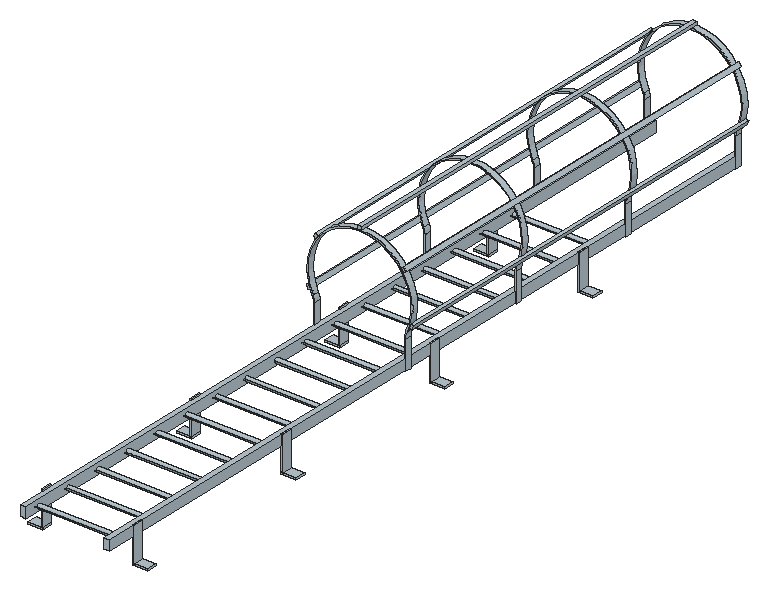
Revit family "NLRS_33_GM_FB_TC_STORAX_kooiladder_GL-VM-K", category Generic Models, host Face, Revit 2015
Parameters (values of type "GL-VM-K")
  voetplaten = true  # yes
  uitstapbordes = yes
  uitschuifbare leuning = false  # no
  uitloopleuning = yes
  true = yes
  productgroep = "Dakluiken"  # constant formula
  omschrijving = "gevelladder vloer- muurbevestiging met kooi"  # constant formula
  normering = "EN ISO 14122"  # constant formula
  muurbeugels = true  # yes
  modeler = "Bouwconnect"  # constant formula
  materiaal = bcb_aluminium
  lengte ladderdeel = 3250 mm
  inhaakbeugel en weghangbakje = false  # no
  geanodiseerd = yes
  garantietermijn in jaren = 5  # constant formula
  false = not(true)  # no
  doorlopende ladderboom = true  # yes
  conservering = "brut"  # constant formula
  code productgroep = "LUI"  # constant formula
  breedte ladderdeel 1 = 550 mm  # constant formula
  belasting totaal = 150.00 kg  # constant formula
  antislip profilering = true  # yes
  aantal sporten = 13
  URL = "http://www.storax.nl/producten/Staal/274/BV-FL-THERMO"
  Model = "DLL-VM"  # constant formula
  Manufacturer = "Storax"  # constant formula
  Default Elevation = 0 mm  # constant formula
Reference planes
  plane 1 "Center (Front/Back)": y = 0
  plane 2: z = 0
  plane 3 "Center (Left/Right)": x = 0
  plane 4 "ladder": z = 165
  plane 5: y = 5320
  plane 6: x = -2045.134
  plane 7: y = 20
Forms (mm)
  Extrusion 1, solid, material "bcb_aluminium" <- "materiaal"
    sketch origin (0, 0, 0) x (0, 1, 0) y (0, 0, 1)
      loop
        line (3960, 240) -> (3960, 0) -> (4030, 0) -> (4030, 240) -> (3960, 240)
    from 302.5 to 310.5
  Extrusion 2, solid, material "bcb_aluminium" <- "materiaal"
    sketch origin (0, 0, 0) x (0, 1, 0) y (0, 0, 1)
      loop
        line (3960, 10) -> (3960, 0) -> (4030, 0) -> (4030, 10) -> (3960, 10)
    from 302.5 to 402.5
  Extrusion 3, solid, material "bcb_aluminium" <- "materiaal"
    sketch origin (0, 0, 0) x (0, 1, 0) y (0, 0, -1)
      loop
        line (3960, -240) -> (4030, -240) -> (4030, 0) -> (3960, 0) -> (3960, -240)
    from 302.5 to 310.5
  Extrusion 4, solid, material "bcb_aluminium" <- "materiaal"
    sketch origin (0, 0, 0) x (0, 1, 0) y (0, 0, -1)
      loop
        line (3960, -10) -> (4030, -10) -> (4030, 0) -> (3960, 0) -> (3960, -10)
    from 302.5 to 402.5
  Extrusion 5, solid, material "bcb_aluminium" <- "materiaal"
    sketch origin (0, -1250, 0) x (0, 1, 0) y (0, 0, 1)
      loop
        line (3960, 240) -> (3960, 0) -> (4030, 0) -> (4030, 240) -> (3960, 240)
    from 302.5 to 310.5
  Extrusion 6, solid, material "bcb_aluminium" <- "materiaal"
    sketch origin (0, -1250, 0) x (0, 1, 0) y (0, 0, 1)
      loop
        line (3960, 10) -> (3960, 0) -> (4030, 0) -> (4030, 10) -> (3960, 10)
    from 302.5 to 402.5
  Extrusion 7, solid, material "bcb_aluminium" <- "materiaal"
    sketch origin (0, -1250, 0) x (0, 1, 0) y (0, 0, -1)
      loop
        line (3960, -240) -> (4030, -240) -> (4030, 0) -> (3960, 0) -> (3960, -240)
    from 302.5 to 310.5
  Extrusion 8, solid, material "bcb_aluminium" <- "materiaal"
    sketch origin (0, -1250, 0) x (0, 1, 0) y (0, 0, -1)
      loop
        line (3960, -10) -> (4030, -10) -> (4030, 0) -> (3960, 0) -> (3960, -10)
    from 302.5 to 402.5
  Extrusion 9, solid, material "bcb_aluminium" <- "materiaal"
    sketch origin (0, -2500, 0) x (0, 1, 0) y (0, 0, 1)
      loop
        line (3960, 240) -> (3960, 0) -> (4030, 0) -> (4030, 240) -> (3960, 240)
    from 302.5 to 310.5
  Extrusion 10, solid, material "bcb_aluminium" <- "materiaal"
    sketch origin (0, -2500, 0) x (0, 1, 0) y (0, 0, 1)
      loop
        line (3960, 10) -> (3960, 0) -> (4030, 0) -> (4030, 10) -> (3960, 10)
    from 302.5 to 402.5
  Extrusion 11, solid, material "bcb_aluminium" <- "materiaal"
    sketch origin (0, -2500, 0) x (0, 1, 0) y (0, 0, -1)
      loop
        line (3960, -240) -> (4030, -240) -> (4030, 0) -> (3960, 0) -> (3960, -240)
    from 302.5 to 310.5
  Extrusion 12, solid, material "bcb_aluminium" <- "materiaal"
    sketch origin (0, -2500, 0) x (0, 1, 0) y (0, 0, -1)
      loop
        line (3960, -10) -> (4030, -10) -> (4030, 0) -> (3960, 0) -> (3960, -10)
    from 302.5 to 402.5
  Extrusion 13, solid, material "bcb_aluminium" <- "materiaal"
    sketch origin (0, -3750, 0) x (0, 1, 0) y (0, 0, 1)
      loop
        line (3960, 240) -> (3960, 0) -> (4030, 0) -> (4030, 240) -> (3960, 240)
    from 302.5 to 310.5
  Extrusion 14, solid, material "bcb_aluminium" <- "materiaal"
    sketch origin (0, -3750, 0) x (0, 1, 0) y (0, 0, 1)
      loop
        line (3960, 10) -> (3960, 0) -> (4030, 0) -> (4030, 10) -> (3960, 10)
    from 302.5 to 402.5
  Extrusion 15, solid, material "bcb_aluminium" <- "materiaal"
    sketch origin (0, -3750, 0) x (0, 1, 0) y (0, 0, -1)
      loop
        line (3960, -240) -> (4030, -240) -> (4030, 0) -> (3960, 0) -> (3960, -240)
    from 302.5 to 310.5
  Extrusion 16, solid, material "bcb_aluminium" <- "materiaal"
    sketch origin (0, -3750, 0) x (0, 1, 0) y (0, 0, -1)
      loop
        line (3960, -10) -> (4030, -10) -> (4030, 0) -> (3960, 0) -> (3960, -10)
    from 302.5 to 402.5
Cuts and joins
  joined: Extrusion 1, Extrusion 2
Dimensions and locks
  plane 4 "ladder" to plane 2 = 165 mm
  plane 7 to plane 1 "Center (Front/Back)" = 20 mm
  aligned and locked: host face to plane 2
  aligned and locked: host face to level
  aligned and locked: plane 5 to nested 1
  aligned and locked: plane 3 "Center (Left/Right)" to nested 1
  aligned and locked: plane 3 "Center (Left/Right)" to nested 2
  aligned and locked: nested 2 to plane 7
Nested families
  nested 1: "NLRS_33_GM_FB_TC_STORAX_kooiladder_GL-VM-K_kooi" at (0, 2500, 165), type "DLL-VM"
  nested 2: "NLRS_33_GM_FB_TC_STORAX_vloerluik_GL-VM-K_ladderdeel" at (0, 20, 165), type "NLRS_33_GM_FB_TC_STORAX_vloerluik_GL-VM-K_ladderdeel"
    with hoogte 5300 mm, haken no, breedte 605 mm, afstand sport 1 100 mm, afstand sport 250 mm, aantal sporten 17
Definition of nested family "NLRS_33_GM_FB_TC_STORAX_kooiladder_GL-VM-K_kooi"
  Parameters (values of type "DLL-VM")
    voetplaten = false  # no
    uitstapbordes = yes
    uitschuifbare leuning = yes
    uitloopleuning = yes
    true = yes
    productgroep = "Dakluiken"  # constant formula
    omschrijving = "dakluikladder met vloer- muurbevestiging"  # constant formula
    normering = "EN ISO 14122"  # constant formula
    muurbeugels = true  # yes
    modeler = "Bouwconnect"  # constant formula
    materiaal = none
    lengte ladderdeel = 3250 mm
    inhaakbeugel en weghangbakje = false  # no
    geanodiseerd = yes
    garantietermijn in jaren = 5  # constant formula
    false = not(true)  # no
    doorlopende ladderboom = yes
    conservering = "brut"  # constant formula
    code productgroep = "LUI"  # constant formula
    breedte ladderdeel 1 = 550 mm  # constant formula
    belasting totaal = 150.00 kg  # constant formula
    antislip profilering = true  # yes
    aantal sporten = 13
    URL = "http://www.storax.nl/producten/Staal/274/BV-FL-THERMO"
    Model = "DLL-VM"  # constant formula
    Manufacturer = "Storax"  # constant formula
    Default Elevation = 0 mm  # constant formula
  Reference planes
    plane 1 "Center (Front/Back)": y = 0
    plane 2: z = 0
    plane 3 "Center (Left/Right)": x = 0
  Forms (mm)
    Extrusion 1, solid, not visible
      sketch origin (0, 0, 0) x (1, 0, 0) y (0, 1, 0)
        loop
          line (-1530.753, 3985) -> (-1530.753, -493.827) -> (1697.937, -493.827) -> (1697.937, 3985) -> (-1530.753, 3985)
      from 0 to -100
    Extrusion 2, solid, material <- "materiaal"
      sketch origin (0, 0, 0) x (1, 0, 0) y (0, 0, 1)
        loop
          line (-310.5, 0) -> (-302.5, 0) -> (-302.5, 200.381)
          arc (-302.5, 200.381) -> (-304.969, 222.464) -> (-312.253, 243.457) r 100
          arc (-312.253, 243.457) -> (0, 738.5) -> (312.253, 243.457) r 346
          arc (312.253, 243.457) -> (304.969, 222.464) -> (302.5, 200.381) r 100
          line (302.5, 200.381) -> (302.5, 0) -> (310.5, 0) -> (310.5, 198.578)
          arc (310.5, 198.578) -> (312.925, 220.466) -> (320.081, 241.292) r 100
          arc (320.081, 241.292) -> (0, 746.5) -> (-320.081, 241.292) r 354
          arc (-320.081, 241.292) -> (-312.925, 220.466) -> (-310.5, 198.578) r 100
          line (-310.5, 198.578) -> (-310.5, 0)
      from -40 to 0
    Extrusion 3, solid, material <- "materiaal"
      sketch origin (0, 0, 0) x (1, 0, 0) y (0, 0, 1)
        loop
          line (-310.5, 0) -> (-302.5, 0) -> (-302.5, 200.381)
          arc (-302.5, 200.381) -> (-304.969, 222.464) -> (-312.253, 243.457) r 100
          arc (-312.253, 243.457) -> (0, 738.5) -> (312.253, 243.457) r 346
          arc (312.253, 243.457) -> (304.969, 222.464) -> (302.5, 200.381) r 100
          line (302.5, 200.381) -> (302.5, 0) -> (310.5, 0) -> (310.5, 198.578)
          arc (310.5, 198.578) -> (312.925, 220.466) -> (320.081, 241.292) r 100
          arc (320.081, 241.292) -> (0, 746.5) -> (-320.081, 241.292) r 354
          arc (-320.081, 241.292) -> (-312.925, 220.466) -> (-310.5, 198.578) r 100
          line (-310.5, 198.578) -> (-310.5, 0)
      from -970 to -930
    Extrusion 4, solid, material <- "materiaal"
      sketch origin (0, 0, 0) x (1, 0, 0) y (0, 0, 1)
        loop
          line (-310.5, 0) -> (-302.5, 0) -> (-302.5, 200.381)
          arc (-302.5, 200.381) -> (-304.969, 222.464) -> (-312.253, 243.457) r 100
          arc (-312.253, 243.457) -> (0, 738.5) -> (312.253, 243.457) r 346
          arc (312.253, 243.457) -> (304.969, 222.464) -> (302.5, 200.381) r 100
          line (302.5, 200.381) -> (302.5, 0) -> (310.5, 0) -> (310.5, 198.578)
          arc (310.5, 198.578) -> (312.925, 220.466) -> (320.081, 241.292) r 100
          arc (320.081, 241.292) -> (0, 746.5) -> (-320.081, 241.292) r 354
          arc (-320.081, 241.292) -> (-312.925, 220.466) -> (-310.5, 198.578) r 100
          line (-310.5, 198.578) -> (-310.5, 0)
      from -2820 to -2780
    Extrusion 5, solid, material <- "materiaal"
      sketch origin (0, 0, 0) x (1, 0, 0) y (0, 0, 1)
        loop
          line (-310.5, 0) -> (-302.5, 0) -> (-302.5, 200.381)
          arc (-302.5, 200.381) -> (-304.969, 222.464) -> (-312.253, 243.457) r 100
          arc (-312.253, 243.457) -> (0, 738.5) -> (312.253, 243.457) r 346
          arc (312.253, 243.457) -> (304.969, 222.464) -> (302.5, 200.381) r 100
          line (302.5, 200.381) -> (302.5, 0) -> (310.5, 0) -> (310.5, 198.578)
          arc (310.5, 198.578) -> (312.925, 220.466) -> (320.081, 241.292) r 100
          arc (320.081, 241.292) -> (0, 746.5) -> (-320.081, 241.292) r 354
          arc (-320.081, 241.292) -> (-312.925, 220.466) -> (-310.5, 198.578) r 100
          line (-310.5, 198.578) -> (-310.5, 0)
      from -1890 to -1850
    Extrusion 6, solid, material <- "materiaal"
      sketch origin (0, 0, 0) x (1, 0, 0) y (0, 0, 1)
        loop
          line (-341.309, 297.374) -> (-360.33, 291.193) -> (-351.06, 262.662) -> (-332.039, 268.842) -> (-341.309, 297.374)
      from -2820 to 0
    Extrusion 7, solid, material <- "materiaal"
      sketch origin (0, 0, 0) x (1, 0, 0) y (0, 0, 1)
        loop
          line (-277.575, 612.711) -> (-293.756, 624.467) -> (-311.389, 600.196) -> (-295.209, 588.441) -> (-277.575, 612.711)
      from -2820 to 0
    Extrusion 8, solid, material <- "materiaal"
      sketch origin (0, 0, 0) x (1, 0, 0) y (0, 0, 1)
        loop
          line (-15, 766.5) -> (-15, 746.5) -> (15, 746.5) -> (15, 766.5) -> (-15, 766.5)
      from -2820 to 0
    Extrusion 9, solid, material <- "materiaal"
      sketch origin (0, 0, 0) x (1, 0, 0) y (0, 0, 1)
        loop
          line (277.575, 612.711) -> (295.209, 588.441) -> (311.389, 600.196) -> (293.756, 624.467) -> (277.575, 612.711)
      from -2820 to 0
    Extrusion 10, solid, material <- "materiaal"
      sketch origin (0, 0, 0) x (1, 0, 0) y (0, 0, 1)
        loop
          line (341.309, 297.374) -> (332.039, 268.842) -> (351.06, 262.662) -> (360.33, 291.193) -> (341.309, 297.374)
      from -2820 to 0
  Dimensions and locks
    aligned and locked: Extrusion 1 to plane 2
    aligned and locked: Extrusion 1 to level
Definition of nested family "NLRS_33_GM_FB_TC_STORAX_vloerluik_GL-VM-K_ladderdeel"
  Parameters (values of type "NLRS_33_GM_FB_TC_STORAX_vloerluik_GL-VM-K_ladderdeel")
    productgroep = "Dakluiken"  # constant formula
    omschrijving = "dakluikladder"  # constant formula
    normering = "EN-1090"  # constant formula
    modeler = "Bouwconnect"  # constant formula
    materiaal = none
    hoogte [instance] = 2500 mm
    haken [instance] = yes
    garantietermijn in jaren = 5  # constant formula
    code productgroep = "LUI"  # constant formula
    breedte [instance] = 430 mm
    afstand sport 1 [instance] = 125 mm
    afstand sport [instance] = 250 mm
    aantal sporten [instance] = 10
    URL = "http://www.storax.nl/producten/Staal/274/BV-FL-THERMO"
    Model = "DLL-IH"  # constant formula
    Manufacturer = "Storax"  # constant formula
    Default Elevation = 0 mm  # constant formula
  Reference planes
    plane 1 "Center (Front/Back)": y = 0
    plane 2: z = 0
    plane 3 "Center (Left/Right)": x = 0
    plane 4: x = 215
    plane 5: x = -215
    plane 6: x = 175
    plane 7: x = -175
    plane 8: y = 125
    plane 9: y = 375
    plane 10: y = 2500
    plane 11: y = 2375
  Forms (mm)
    Extrusion 1, solid, not visible
      sketch origin (0, 0, 0) x (1, 0, 0) y (0, 1, 0)
        loop
          line (-2490.5, 3400) -> (-2490.5, -2478.769) -> (2053.963, -2478.769) -> (2053.963, 3400) -> (-2490.5, 3400)
      from 0 to -100
    Extrusion 2, solid, material <- "materiaal"
      sketch origin (0, 0, 0) x (0, 1, 0) y (0, 0, 1)
        loop
          line (0, 70) -> (0, 0) -> (2500, 0) -> (2500, 70) -> (0, 70)
      from 175 to 215
    Extrusion 3, solid, material <- "materiaal"
      sketch origin (0, 0, 0) x (0, 1, 0) y (0, 0, 1)
        loop
          line (0, 70) -> (0, 0) -> (2500, 0) -> (2500, 70) -> (0, 70)
      from -215 to -175
    Extrusion 4, solid, material <- "materiaal", visible <- "haken"
      sketch origin (0, 0, 0.429) x (0, 1, 0) y (0, 0, 1)
        loop
          line (2327.272, -10.429) -> (2477.272, -10.429)
          arc (2477.272, -10.429) -> (2502.272, -35.429) -> (2477.272, -60.429) r 25
          line (2477.272, -60.429) -> (2462.272, -60.429) -> (2462.272, -70.429) -> (2477.272, -70.429)
          arc (2477.272, -70.429) -> (2512.272, -35.429) -> (2477.272, -0.429) r 35
          line (2477.272, -0.429) -> (2327.272, -0.429) -> (2327.272, -10.429)
      from 175 to 215
    Extrusion 5, solid, material <- "materiaal", visible <- "haken"
      sketch origin (0, 0, 0.429) x (0, 1, 0) y (0, 0, -1)
        loop
          line (2327.272, 10.429) -> (2327.272, 0.429) -> (2477.272, 0.429)
          arc (2477.272, 0.429) -> (2512.272, 35.429) -> (2477.272, 70.429) r 35
          line (2477.272, 70.429) -> (2462.272, 70.429) -> (2462.272, 60.429) -> (2477.272, 60.429)
          arc (2477.272, 60.429) -> (2502.272, 35.429) -> (2477.272, 10.429) r 25
          line (2477.272, 10.429) -> (2327.272, 10.429)
      from 175 to 215
  Dimensions and locks
    "breedte": plane 5 to plane 4
    equal spacing: plane 5, plane 3 "Center (Left/Right)", plane 4
    locked: plane 5 to plane 7 at 40
    locked: plane 6 to plane 4 at 40
    "afstand sport": plane 9 to plane 8
    "afstand sport 1": plane 1 "Center (Front/Back)" to plane 8
    "hoogte": plane 1 "Center (Front/Back)" to plane 10
    locked: plane 11 to plane 10 at 125
    equal spacing: group 1, group 2, group 3, group 4, group 5, group 6, group 7, group 8, group 9, group 10  (x3)
    aligned and locked: Extrusion 1 to plane 2
    aligned and locked: Extrusion 1 to level
    aligned and locked: plane 4 to Extrusion 2
    aligned and locked: Extrusion 2 to plane 6
    aligned and locked: Extrusion 3 to plane 5
    aligned and locked: Extrusion 3 to plane 7
    aligned and locked: nested 1 to plane 8
    aligned and locked: plane 3 "Center (Left/Right)" to nested 1
    aligned and locked: Extrusion 3 to plane 10
    aligned and locked: Extrusion 2 to plane 10
    aligned and locked: plane 4 to Extrusion 4
    aligned and locked: Extrusion 4 to plane 6
    aligned and locked: Extrusion 5 to plane 7
    aligned and locked: Extrusion 5 to plane 5
    aligned and locked: nested 2 to plane 9
  Automatic sketch dimensions
    Extrusion 1 sketch curve to Extrusion 1 sketch curve = 4544.463 mm
    Extrusion 1 sketch curve to Extrusion 1 sketch curve = 5878.769 mm
    Extrusion 2 sketch curve to plane 1 "Center (Front/Back)" = 0 mm
    level to Extrusion 2 sketch curve = 0 mm
    Extrusion 2 sketch curve to plane 10 = 0 mm
    level to Extrusion 2 sketch curve = 70 mm
    Extrusion 3 sketch curve to level = 0 mm
    Extrusion 3 sketch curve to plane 1 "Center (Front/Back)" = 0 mm
    Extrusion 3 sketch curve to plane 10 = 0 mm
    Extrusion 3 sketch curve to Extrusion 3 sketch curve = 70 mm
    Extrusion 4 sketch curve to Extrusion 4 sketch curve = 0 mm  (x2)
    level to Extrusion 4 sketch curve = 0 mm
    plane 11 to Extrusion 4 sketch curve = 47.728 mm
    plane 10 to Extrusion 4 sketch curve = 37.728 mm
    plane 10 to Extrusion 4 sketch curve = 22.728 mm
    Extrusion 4 sketch curve to Extrusion 4 sketch curve = 10 mm
    Extrusion 4 sketch curve to Extrusion 4 sketch curve = 25 mm
    Extrusion 5 sketch curve to Extrusion 5 sketch curve = 0 mm  (x2)
    Extrusion 5 sketch curve to level = 0 mm
    plane 11 to Extrusion 5 sketch curve = 47.728 mm
    plane 10 to Extrusion 5 sketch curve = 37.728 mm
    plane 10 to Extrusion 5 sketch curve = 22.728 mm
    Extrusion 5 sketch curve to Extrusion 5 sketch curve = 10 mm
    Extrusion 5 sketch curve to Extrusion 5 sketch curve = 25 mm
  Nested families
    nested 1: "NLRS_33_GM_FB_TC_STORAX_vloerluik_DLL-IH_sport" at (0, 125, 0), type "NLRS_33_GM_FB_TC_STORAX_vloerluik_DLL-IH_sport"
      with breedte 430 mm
    nested 2: "NLRS_33_GM_FB_TC_STORAX_vloerluik_DLL-IH_sport" at (0, 375, 0), type "NLRS_33_GM_FB_TC_STORAX_vloerluik_DLL-IH_sport"
      with breedte 430 mm
    nested 3: "NLRS_33_GM_FB_TC_STORAX_vloerluik_DLL-IH_sport" at (0, 625, 0), type "NLRS_33_GM_FB_TC_STORAX_vloerluik_DLL-IH_sport"
      with breedte 430 mm
    nested 4: "NLRS_33_GM_FB_TC_STORAX_vloerluik_DLL-IH_sport" at (0, 875, 0), type "NLRS_33_GM_FB_TC_STORAX_vloerluik_DLL-IH_sport"
      with breedte 430 mm
    nested 5: "NLRS_33_GM_FB_TC_STORAX_vloerluik_DLL-IH_sport" at (0, 1125, 0), type "NLRS_33_GM_FB_TC_STORAX_vloerluik_DLL-IH_sport"
      with breedte 430 mm
    nested 6: "NLRS_33_GM_FB_TC_STORAX_vloerluik_DLL-IH_sport" at (0, 1375, 0), type "NLRS_33_GM_FB_TC_STORAX_vloerluik_DLL-IH_sport"
      with breedte 430 mm
    nested 7: "NLRS_33_GM_FB_TC_STORAX_vloerluik_DLL-IH_sport" at (0, 1625, 0), type "NLRS_33_GM_FB_TC_STORAX_vloerluik_DLL-IH_sport"
      with breedte 430 mm
    nested 8: "NLRS_33_GM_FB_TC_STORAX_vloerluik_DLL-IH_sport" at (0, 1875, 0), type "NLRS_33_GM_FB_TC_STORAX_vloerluik_DLL-IH_sport"
      with breedte 430 mm
    nested 9: "NLRS_33_GM_FB_TC_STORAX_vloerluik_DLL-IH_sport" at (0, 2125, 0), type "NLRS_33_GM_FB_TC_STORAX_vloerluik_DLL-IH_sport"
      with breedte 430 mm
    nested 10: "NLRS_33_GM_FB_TC_STORAX_vloerluik_DLL-IH_sport" at (0, 2375, 0), type "NLRS_33_GM_FB_TC_STORAX_vloerluik_DLL-IH_sport"
      with breedte 430 mm
  Definition of nested family "NLRS_33_GM_FB_TC_STORAX_vloerluik_DLL-IH_sport"
    Parameters (values of type "NLRS_33_GM_FB_TC_STORAX_vloerluik_DLL-IH_sport")
      productgroep = "Dakluiken"  # constant formula
      omschrijving = "dakluikladder"  # constant formula
      modeler = "Bouwconnect"  # constant formula
      materiaal = none
      garantietermijn in jaren = 5  # constant formula
      code productgroep = "LUI"  # constant formula
      breedte = 500 mm
      URL = "http://www.storax.nl/producten/Staal/274/BV-FL-THERMO"
      Model = "DLL-IH"  # constant formula
      Manufacturer = "Storax"  # constant formula
      Default Elevation = 0 mm  # constant formula
    Reference planes
      plane 1 "Center (Front/Back)": y = 0
      plane 2: z = 0
      plane 3 "Center (Left/Right)": x = 0
      plane 4: x = 250
      plane 5: x = -250
      plane 6: x = 225
      plane 7: x = -225
    Forms (mm)
      Extrusion 1, solid, not visible
        sketch origin (0, 0, 0) x (1, 0, 0) y (0, 1, 0)
          loop
            line (-2490.5, 3400) -> (-2490.5, -2478.769) -> (2053.963, -2478.769) -> (2053.963, 3400) -> (-2490.5, 3400)
        from 0 to -100
      Extrusion 2, solid, material <- "materiaal"
        sketch origin (0, -125, 0) x (0, 1, 0) y (0, 0, 1)
          loop
            circle (125, 35) r 15
        from -225 to 225
    Dimensions and locks
      "breedte": plane 5 to plane 4
      equal spacing: plane 5, plane 3 "Center (Left/Right)", plane 4
      locked: plane 5 to plane 7 at 25
      locked: plane 6 to plane 4 at 25
      aligned and locked: Extrusion 1 to plane 2
      aligned and locked: Extrusion 1 to level
      aligned and locked: plane 7 to Extrusion 2
      aligned and locked: Extrusion 2 to plane 7  (x2)
      aligned and locked: plane 6 to Extrusion 2
      aligned and locked: Extrusion 2 to plane 6
    Automatic sketch dimensions
      Extrusion 1 sketch curve to Extrusion 1 sketch curve = 4544.463 mm
      Extrusion 1 sketch curve to Extrusion 1 sketch curve = 5878.769 mm
      level to Extrusion 2 sketch curve = 35 mm
      Extrusion 2 sketch curve to plane 1 "Center (Front/Back)" = 0 mm
      radius of Extrusion 2 sketch curve = 15 mm
